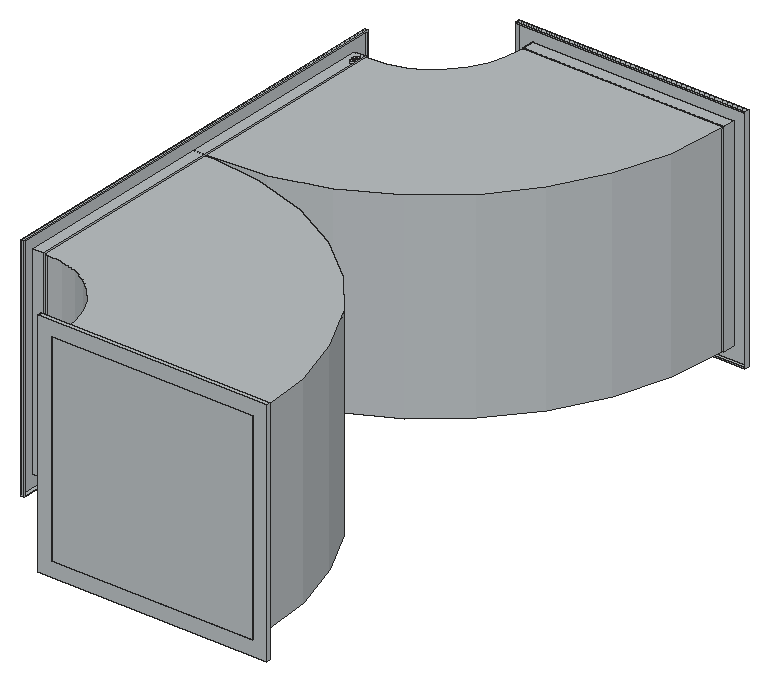
Revit family "NLRS_57_DUF_UN_broekstuk_bocht_bocht_type1_nijburg", category Duct Fittings, Revit 2020
Family settings
  Round Connector Dimension = Use Diameter
  Part Type = Tee
  Work Plane-Based = No
  Always vertical = Yes
  Cut with Voids When Loaded = No
  Shared = No
Parameters (values of type "R=170-170 (std)")
  built-in parameter 1114242 [instance] = 1 = 0  # (empty or 0)
  URL = "https://nijburg-klimaattechniek.nl/oplossingen/rechthoekige-kanalen/"
  Type Comments = "Links-Rechts"  # constant formula
  NPR_snelheid_geldig [instance] = if(NPR_Gewenste_snelheid > 0.0 m/s, NPR_Gewenste_snelheid, 1.0 m/s)  # 5.0 m/s
  NPR_c03_snelheid [instance] = NLRS_M_c03_debiet / (NLRS_M_c03_breedte * NLRS_M_c03_hoogte)  # 0.0 m/s
  NPR_c03_recht [instance] = 30 mm
  NPR_c03_aanbevolen_breedte [instance] = round(if(NPR_Gewenste_snelheid > 0.0 m/s, (NLRS_M_c03_debiet / NPR_snelheid_geldig) / NLRS_M_c01_hoogte, 0 mm) / 1 mm) * 1 mm  # 0 mm
  NPR_c02_snelheid [instance] = NLRS_M_c02_debiet / (NLRS_M_c02_breedte * NLRS_M_c02_hoogte)  # 0.0 m/s
  NPR_c02_recht [instance] = 30 mm
  NPR_c02_aanbevolen_breedte [instance] = round(if(NPR_Gewenste_snelheid > 0.0 m/s, (NLRS_M_c02_debiet / NPR_snelheid_geldig) / NLRS_M_c01_hoogte, 0 mm) / 1 mm) * 1 mm  # 0 mm
  NPR_c01_snelheid [instance] = NLRS_M_c01_debiet / (NLRS_M_c01_breedte * NLRS_M_c01_hoogte)  # 0.0 m/s
  NPR_c01_recht_rechts [instance] = 30 mm
  NPR_c01_recht_links [instance] = 30 mm
  NPR_c01_bocht_rechts_breedte [instance] = if(or(NLRS_M_c01_debiet = 0.0 m³/h, NLRS_M_c02_debiet = 0.0 m³/h, NLRS_M_c03_debiet = 0.0 m³/h), NLRS_M_c01_breedte / 2, (NLRS_M_c01_breedte / NLRS_M_c01_debiet) * NLRS_M_c03_debiet)  # 400 mm
  NPR_c01_bocht_links_breedte [instance] = NLRS_M_c01_breedte - NPR_c01_bocht_rechts_breedte  # 400 mm
  NPR_c01_aanbevolen_breedte [instance] = round(if(NPR_Gewenste_snelheid > 0.0 m/s, (NLRS_M_c01_debiet / NPR_snelheid_geldig) / NLRS_M_c01_hoogte, 0 mm) / 1 mm) * 1 mm  # 0 mm
  NPR_bocht_rechts_radius [instance] = 170 mm
  NPR_bocht_links_radius [instance] = 170 mm
  NPR_Waarschuwing2 [instance] = if(NPR_Toegepaste_hoek2 = NLRS_M_c03_hoek, " ", "Ongeldige hoek!")  # " "
  NPR_Waarschuwing [instance] = if(NPR_Toegepaste_hoek = NLRS_M_c02_hoek, " ", "Ongeldige hoek!")  # " "
  NPR_Toegepaste_hoek2 [instance] = if(NLRS_M_c03_hoek < NPR_Minimale_hoek2, NPR_Minimale_hoek2, if(NLRS_M_c03_hoek > 90.00°, 90.00°, NLRS_M_c03_hoek))  # 90.00°
  NPR_Toegepaste_hoek [instance] = if(NLRS_M_c02_hoek < NPR_Minimale_hoek, NPR_Minimale_hoek, if(NLRS_M_c02_hoek > 90.00°, 90.00°, NLRS_M_c02_hoek))  # 90.00°
  NPR_S3_Buiten_ver [instance] = NLRS_M_c03_breedte * cos(NPR_Toegepaste_hoek2)  # 0 mm
  NPR_S3_Buiten_hor [instance] = NLRS_M_c03_breedte * sin(NPR_Toegepaste_hoek2)  # 400 mm
  NPR_S3_Binnen_ver [instance] = NPR_S3 * sin(NPR_Toegepaste_hoek2)  # 30 mm
  NPR_S3_Binnen_hor [instance] = NPR_S3 * cos(NPR_Toegepaste_hoek2)  # 0 mm
  NPR_S3 [instance] = if(NPR_c03_recht < 30 mm, 30 mm, NPR_c03_recht)  # 30 mm
  NPR_S2_Buiten_ver [instance] = NLRS_M_c02_breedte * cos(NPR_Toegepaste_hoek)  # 0 mm
  NPR_S2_Buiten_hor [instance] = NLRS_M_c02_breedte * sin(NPR_Toegepaste_hoek)  # 400 mm
  NPR_S2_Binnen_ver [instance] = NPR_S2 * sin(NPR_Toegepaste_hoek)  # 30 mm
  NPR_S2_Binnen_hor [instance] = NPR_S2 * cos(NPR_Toegepaste_hoek)  # 0 mm
  NPR_S2 [instance] = if(NPR_c02_recht < 30 mm, 30 mm, NPR_c02_recht)  # 30 mm
  NPR_S1_2 [instance] = if(NPR_c01_recht_rechts < 30 mm, 30 mm, NPR_c01_recht_rechts)  # 30 mm
  NPR_S1 [instance] = if(NPR_c01_recht_links < 30 mm, 30 mm, NPR_c01_recht_links)  # 30 mm
  NPR_Offset5_2 [instance] = (NPR_Buitenradius_Rechts * cos(NPR_Toegepaste_hoek2))  # 0 mm
  NPR_Offset5 [instance] = (NPR_Buitenradius_Links * cos(NPR_Toegepaste_hoek))  # 0 mm
  NPR_Offset4_2 [instance] = NPR_bocht_rechts_radius - (NPR_bocht_rechts_radius * cos(NPR_Toegepaste_hoek2))  # 170 mm
  NPR_Offset4 [instance] = NPR_bocht_links_radius - (NPR_bocht_links_radius * cos(NPR_Toegepaste_hoek))  # 170 mm
  NPR_Offset3_2 [instance] = NPR_bocht_rechts_radius * sin(NPR_Toegepaste_hoek2)  # 170 mm
  NPR_Offset3 [instance] = NPR_bocht_links_radius * sin(NPR_Toegepaste_hoek)  # 170 mm
  NPR_Offset2_2 [instance] = NPR_Buitenradius_Rechts * sin(NPR_Toegepaste_hoek2)  # 570 mm
  NPR_Offset2 [instance] = NPR_Buitenradius_Links * sin(NPR_Toegepaste_hoek)  # 570 mm
  NPR_Offset1_2 [instance] = if(NLRS_M_c03_breedte > NPR_c01_bocht_rechts_breedte, (NPR_Grote_breedte2 - NPR_Buitenradius_Rechts) * sin(NPR_Toegepaste_hoek2), 0 mm)  # 0 mm
  NPR_Offset1 [instance] = if(NLRS_M_c02_breedte > NPR_c01_bocht_links_breedte, (NPR_Grote_breedte - NPR_Buitenradius_Links) * sin(NPR_Toegepaste_hoek), 0 mm)  # 0 mm
  NPR_Minimale_hoek2 [instance] = if(roundup((90.00° - asin(NPR_Kleine_breedte2 / NPR_Grote_breedte2)) / 1.00°) * 1.00° < 5.00°, 5.00°, roundup((90.00° - asin(NPR_Kleine_breedte2 / NPR_Grote_breedte2)) / 1.00°) * 1.00°)  # 5.00°
  NPR_Minimale_hoek [instance] = if(roundup((90.00° - asin(NPR_Kleine_breedte / NPR_Grote_breedte)) / 1.00°) * 1.00° < 5.00°, 5.00°, roundup((90.00° - asin(NPR_Kleine_breedte / NPR_Grote_breedte)) / 1.00°) * 1.00°)  # 5.00°
  NPR_Luka_m²_part2 [instance] = ((if(NPR_c01_bocht_rechts_breedte > NLRS_M_c03_breedte, NPR_c01_bocht_rechts_breedte, NLRS_M_c03_breedte) + NLRS_M_c01_hoogte) * 2 * NPR_L2)  # 1.92 m²
  NPR_Luka_m²_part1 [instance] = ((if(NPR_c01_bocht_links_breedte > NLRS_M_c02_breedte, NPR_c01_bocht_links_breedte, NLRS_M_c02_breedte) + NLRS_M_c01_hoogte) * 2 * NPR_L1)  # 1.92 m²
  NPR_Luka_m² [instance] = NPR_Luka_m²_part1 + NPR_Luka_m²_part2  # 3.84 m²
  NPR_L2 [instance] = (NPR_Buitenradius_Rechts * tan(NPR_Toegepaste_hoek2 / 2)) + if(NPR_c01_bocht_rechts_breedte > NLRS_M_c03_breedte, NPR_S1_2, NPR_S3) + (NPR_Buitenradius_Rechts * tan(NPR_Toegepaste_hoek2 / 2)) + ((NPR_Grote_breedte2 - NPR_Buitenradius_Rechts) * cos(90.00° - NPR_Toegepaste_hoek2)) + if(NPR_c01_bocht_rechts_breedte > NLRS_M_c03_breedte, NPR_S3, NPR_S1_2)  # 1200 mm
  NPR_L1 [instance] = (NPR_Buitenradius_Links * tan(NPR_Toegepaste_hoek / 2)) + if(NPR_c01_bocht_links_breedte > NLRS_M_c02_breedte, NPR_S1, NPR_S2) + (NPR_Buitenradius_Links * tan(NPR_Toegepaste_hoek / 2)) + ((NPR_Grote_breedte - NPR_Buitenradius_Links) * cos(90.00° - NPR_Toegepaste_hoek)) + if(NPR_c01_bocht_links_breedte > NLRS_M_c02_breedte, NPR_S2, NPR_S1)  # 1200 mm
  NPR_Kleine_breedte2 [instance] = if(NPR_c01_bocht_rechts_breedte > NLRS_M_c03_breedte, NLRS_M_c03_breedte, NPR_c01_bocht_rechts_breedte) + NPR_bocht_rechts_radius  # 570 mm
  NPR_Kleine_breedte [instance] = if(NPR_c01_bocht_links_breedte > NLRS_M_c02_breedte, NLRS_M_c02_breedte, NPR_c01_bocht_links_breedte) + NPR_bocht_links_radius  # 570 mm
  NPR_Grote_breedte2 [instance] = if(NPR_c01_bocht_rechts_breedte > NLRS_M_c03_breedte, NPR_c01_bocht_rechts_breedte, NLRS_M_c03_breedte) + NPR_bocht_rechts_radius  # 570 mm
  NPR_Grote_breedte [instance] = if(NPR_c01_bocht_links_breedte > NLRS_M_c02_breedte, NPR_c01_bocht_links_breedte, NLRS_M_c02_breedte) + NPR_bocht_links_radius  # 570 mm
  NPR_Gewenste_snelheid [instance] = 5.0 m/s
  NPR_Forceer_Schoepen2 [instance] = no
  NPR_Forceer_Schoepen [instance] = no
  NPR_Checked_hoek2 [instance] = if(NPR_Toegepaste_hoek2 = 90.00°, 1.00°, NPR_Toegepaste_hoek2)  # 1.00°
  NPR_Checked_hoek [instance] = if(NPR_Toegepaste_hoek = 90.00°, 1.00°, NPR_Toegepaste_hoek)  # 1.00°
  NPR_Center_Offset2 [instance] = if(NPR_Toegepaste_hoek2 = 90.00°, NPR_bocht_rechts_radius + (NLRS_M_c03_breedte / 2), if(not(NPR_c01_bocht_rechts_breedte < NLRS_M_c03_breedte), (NPR_Calc_Radius2 / cos(NPR_Checked_hoek2 / 2)) * sin(NPR_Checked_hoek2 / 2), (NPR_Calc_Radius2 * tan(NPR_Checked_hoek2 / 2 / 2)) + (((NPR_Grote_breedte2 - NPR_bocht_rechts_radius) / 2 + NPR_bocht_rechts_radius - NPR_Calc_Radius2) * cos(90.00° - NPR_Checked_hoek2 / 2))))  # 370 mm
  NPR_Center_Offset1 [instance] = if(NPR_Toegepaste_hoek = 90.00°, NPR_bocht_links_radius + (NLRS_M_c02_breedte / 2), if(not(NPR_c01_bocht_links_breedte < NLRS_M_c02_breedte), (NPR_Calc_Radius1 / cos(NPR_Checked_hoek / 2)) * sin(NPR_Checked_hoek / 2), (NPR_Calc_Radius1 * tan(NPR_Checked_hoek / 2 / 2)) + (((NPR_Grote_breedte - NPR_bocht_links_radius) / 2 + NPR_bocht_links_radius - NPR_Calc_Radius1) * cos(90.00° - NPR_Checked_hoek / 2))))  # 370 mm
  NPR_Calc_Radius2 [instance] = if(NPR_Toegepaste_hoek2 = 90.00°, ((((NPR_Kleine_breedte2 - NPR_bocht_rechts_radius) / 2) + NPR_bocht_rechts_radius)), (((((NPR_Kleine_breedte2 - NPR_bocht_rechts_radius) / 2) + NPR_bocht_rechts_radius)) / cos(NPR_Checked_hoek2) - ((((NPR_Grote_breedte2 - NPR_bocht_rechts_radius) / 2) + NPR_bocht_rechts_radius))) * tan(90.00° - NPR_Checked_hoek2) * tan((180.00° - NPR_Checked_hoek2) / 2))  # 370 mm
  NPR_Calc_Radius1 [instance] = if(NPR_Toegepaste_hoek = 90.00°, ((((NPR_Kleine_breedte - NPR_bocht_links_radius) / 2) + NPR_bocht_links_radius)), (((((NPR_Kleine_breedte - NPR_bocht_links_radius) / 2) + NPR_bocht_links_radius)) / cos(NPR_Checked_hoek) - ((((NPR_Grote_breedte - NPR_bocht_links_radius) / 2) + NPR_bocht_links_radius))) * tan(90.00° - NPR_Checked_hoek) * tan((180.00° - NPR_Checked_hoek) / 2))  # 370 mm
  NPR_Buitenradius_Rechts [instance] = if(NPR_Toegepaste_hoek2 = 90.00°, NPR_Kleine_breedte2, (NPR_Kleine_breedte2 / cos(NPR_Checked_hoek2) - NPR_Grote_breedte2) * tan(90.00° - NPR_Checked_hoek2) * tan((180.00° - NPR_Checked_hoek2) / 2))  # 570 mm
  NPR_Buitenradius_Links [instance] = if(NPR_Toegepaste_hoek = 90.00°, NPR_Kleine_breedte, (NPR_Kleine_breedte / cos(NPR_Checked_hoek) - NPR_Grote_breedte) * tan(90.00° - NPR_Checked_hoek) * tan((180.00° - NPR_Checked_hoek) / 2))  # 570 mm
  NPR_Artikelcode [instance] = "RHKV"  # constant formula
  NLRS_M_c03_hoogte [instance] = NLRS_M_c01_hoogte  # 400 mm
  NLRS_M_c03_hoek [instance] = 90.00°
  NLRS_M_c03_debiet [instance] = 0.0 m³/h
  NLRS_M_c03_breedte [instance] = 400 mm
  NLRS_M_c02_hoogte [instance] = NLRS_M_c01_hoogte  # 400 mm
  NLRS_M_c02_hoek [instance] = 90.00°
  NLRS_M_c02_debiet [instance] = 0.0 m³/h
  NLRS_M_c01_debiet [instance] = NLRS_M_c02_debiet + NLRS_M_c03_debiet  # 0.0 m³/h
  NLRS_M_c01_breedte [instance] = 800 mm
  NLRS_M_c02_breedte [instance] = 400 mm
  NLRS_M_c01_hoogte [instance] = 400 mm
  NLRS_C_model = Model  # "Broekstuk - bocht+bocht"
  NLRS_C_description = Description  # "Rechthoekig broekstuk - 2 radius bochten, verlopend"
  NLRS_C_content_versie = "1.20.00"  # constant formula
  NLRS_C_content_provider = "Nijburg Klimaattechniek"  # constant formula
  NLRS_C_content_datum_gewijzigd = "04-05-2023"  # constant formula
  NLRS_C_content_creator = "J, Feeke"  # constant formula
  Model = "Broekstuk - bocht+bocht"  # constant formula
  Manufacturer = "Nijburg Industry Group"  # constant formula
  Description = "Rechthoekig broekstuk - 2 radius bochten, verlopend"  # constant formula
  Default Elevation = 0 mm
  Assembly Code = "57.70"
Types (5, lengths in mm): name | NPR_bocht_rechts_radius | NPR_bocht_links_radius | NPR_Offset4_2 | NPR_Offset4 | NPR_Offset3_2 | NPR_Offset3 | NPR_Offset2_2 | NPR_Offset2 | NPR_Luka_m²_part2 | NPR_Luka_m²_part1 | NPR_Luka_m² | NPR_L2 | NPR_L1 | NPR_Kleine_breedte2 | NPR_Kleine_breedte | NPR_Grote_breedte2 | NPR_Grote_breedte | NPR_Center_Offset2 | NPR_Center_Offset1 | NPR_Calc_Radius2 | NPR_Calc_Radius1 | NPR_Buitenradius_Rechts | NPR_Buitenradius_Links
  (no name) | 170 | 170 | 170 | 170 | 170 | 170 | 570 | 570 | 1.92 m² | 1.92 m² | 3.84 m² | 1200 | 1200 | 570 | 570 | 570 | 570 | 370 | 370 | 370 | 370 | 570 | 570
  R=170-170 (std) | 170 | 170 | 170 | 170 | 170 | 170 | 570 | 570 | 1.92 m² | 1.92 m² | 3.84 m² | 1200 | 1200 | 570 | 570 | 570 | 570 | 370 | 370 | 370 | 370 | 570 | 570
  R=150-150 | 150 | 150 | 150 | 150 | 150 | 150 | 550 | 550 | 1.856 m² | 1.856 m² | 3.712 m² | 1160 | 1160 | 550 | 550 | 550 | 550 | 350 | 350 | 350 | 350 | 550 | 550
  R=120-120 | 120 | 120 | 120 | 120 | 120 | 120 | 520 | 520 | 1.76 m² | 1.76 m² | 3.52 m² | 1100 | 1100 | 520 | 520 | 520 | 520 | 320 | 320 | 320 | 320 | 520 | 520
  R=100-100 | 100 | 100 | 100 | 100 | 100 | 100 | 500 | 500 | 1.696 m² | 1.696 m² | 3.392 m² | 1060 | 1060 | 500 | 500 | 500 | 500 | 300 | 300 | 300 | 300 | 500 | 500
Reference planes
  plane 1 "Center Rhor": y = -2630.953
  plane 2: z = 0
  plane 3 "Center Rvert": x = 0
  plane 4 "c1": x = -30
  plane 5 "C1_Inner": y = -2800.953
  plane 6 "Inner_Hor": x = 170
  plane 7 "W1": y = -3200.953
  plane 8 "Inner_ver": y = -2630.953
  plane 9: x = 570
  plane 10 "c1_center": y = -3000.953
  plane 11 "Offset_Hor": x = 0
  plane 12: y = -2630.953
  plane 13: y = -2630.953
  plane 14: y = -2600.953
  plane 15: x = 570
  plane 16 "W2": y = -2600.953
  plane 17 "W3": x = 170
  plane 18 "Top": z = 200
  plane 19 "Bottom": z = -200
  plane 20: x = 370
  plane 21: y = -3200.953
  plane 22 "W6": x = -30
  plane 23 "W7": y = -3600.953
  plane 24 "W8": x = 170
  plane 25 "W9": y = -3200.953
  plane 26 "W10": y = -3770.953
  plane 27: x = 570
  plane 28 "W11": y = -3400.953
  plane 29 "W12": x = 0
  plane 30: y = -3770.953
  plane 31: y = -3770.953
  plane 32: y = -3800.953
  plane 33: x = 570
  plane 34 "W13": y = -3800.953
  plane 35 "W14": x = 170
  plane 36: x = 370
  plane 37 "W15": y = -3770.953
  plane 38: x = 0
  plane 39 "center": y = -3200.953
Forms (mm)
  Extrusion 1, solid, material "NLRS_57_sendzimir verzinkt_gen_sacs"
    sketch origin (0, 0, 0) x (1, 0, 0) y (0, 1, 0)
      loop
        line (0, -2800.953) -> (-30, -2800.953) -> (-30, -3200.953) -> (0, -3200.953)
        arc (0, -3200.953) -> (403.051, -3034.004) -> (570, -2630.953) r 570
        line (570, -2630.953) -> (570, -2600.953) -> (170, -2600.953) -> (170, -2630.953)
        arc (170, -2630.953) -> (120.208, -2751.161) -> (0, -2800.953) r 170
    from -200 to 200
  Extrusion 2, solid, material "NLRS_57_sendzimir verzinkt_gen_sacs"
    sketch origin (0, -6401.906, 0) x (1, 0, 0) y (0, 1, 0)
      loop
        arc (0, 2800.953) -> (120.208, 2751.161) -> (170, 2630.953) r 170
        line (170, 2630.953) -> (170, 2600.953) -> (570, 2600.953) -> (570, 2630.953)
        arc (570, 2630.953) -> (403.051, 3034.004) -> (0, 3200.953) r 570
        line (0, 3200.953) -> (-30, 3200.953) -> (-30, 2800.953) -> (0, 2800.953)
    from -200 to 200
  Extrusion 3, solid, not visible
    sketch origin (-553.7, -3498.89, 0) x (1, 0, 0) y (0, 1, 0)
      loop
        arc (542.644, 302.937) -> (537.644, 297.937) -> (542.644, 292.937) r 5
        line (542.644, 292.937) -> (542.644, 297.937) -> (547.644, 292.937) -> (547.644, 297.937) -> (542.644, 302.937)
    from 0 to 2
  Extrusion 4, solid, not visible
    sketch origin (-6.055, -3200.953, 0) x (1, 0, 0) y (0, 1, 0)
      loop
        arc (5, -5) -> (10, 0) -> (5, 5) r 5
        line (5, 5) -> (5, 0) -> (0, 5) -> (0, 0) -> (5, -5)
    from 0 to 2
  Sweep 5, solid, material "NLRS_57_sendzimir verzinkt_gen_sacs"
    path in 3D
      loop
        line (-30, -3200.953, 200) -> (-30, -3600.953, 200) -> (-30, -3600.953, -200) -> (-30, -3200.953, -200) -> (-30, -2800.953, -200) -> (-30, -2800.953, 200) -> (-30, -3200.953, 200)
    profile "DW_Profile : Kanaal" origin (-30, -3000.953, 200) x (1, 0, 0) y (0, 0, 1)
      loop
        line (25, 0) -> (25, 1) -> (1, 1) -> (1, 28) -> (7.5, 28) -> (7.5, 29) -> (0, 29) -> (0, 0) -> (25, 0)
  Sweep 6, solid, material "NLRS_57_sendzimir verzinkt_gen_sacs"
    path in 3D
      loop
        line (170, -2600.953, 200) -> (170, -2600.953, -200) -> (570, -2600.953, -200) -> (570, -2600.953, 200) -> (170, -2600.953, 200)
    profile "DW_Profile : Kanaal" origin (370, -2600.953, 200) x (0, -1, 0) y (0, 0, 1)
      loop
        line (25, 0) -> (25, 1) -> (1, 1) -> (1, 28) -> (7.5, 28) -> (7.5, 29) -> (0, 29) -> (0, 0) -> (25, 0)
  Sweep 7, solid, material "NLRS_57_sendzimir verzinkt_gen_sacs"
    path in 3D
      loop
        line (570, -3800.953, 200) -> (570, -3800.953, -200) -> (170, -3800.953, -200) -> (170, -3800.953, 200) -> (570, -3800.953, 200)
    profile "DW_Profile : Kanaal" origin (370, -3800.953, 200) x (0, 1, 0) y (0, 0, 1)
      loop
        line (25, 0) -> (25, 1) -> (1, 1) -> (1, 28) -> (7.5, 28) -> (7.5, 29) -> (0, 29) -> (0, 0) -> (25, 0)
  Extrusion 8, solid
    sketch origin (0, 0, 0) x (0, 1, 0) y (0, 0, 1)
      loop
        circle (-3200.953, 0) r 1
    from -30 to 0
Lines and regions (mm)
  sketch lines
    curve 1: line (-30, -2800.953, 200) -> (-30, -3200.953, 200)
    curve 2: line (-30, -3200.953, 200) -> (-30, -3600.953, 200)
    curve 3: line (-30, -3600.953, 200) -> (-30, -3600.953, -200)
    curve 4: line (-30, -3600.953, -200) -> (-30, -3200.953, -200)
    curve 5: line (-30, -3200.953, -200) -> (-30, -2800.953, -200)
    curve 6: line (-30, -2800.953, 200) -> (-30, -2800.953, -200)
    curve 7: line (570, -2600.953, 200) -> (170, -2600.953, 200)
    curve 8: line (170, -2600.953, 200) -> (170, -2600.953, -200)
    curve 9: line (170, -2600.953, -200) -> (570, -2600.953, -200)
    curve 10: line (570, -2600.953, 200) -> (570, -2600.953, -200)
    curve 11: line (170, -3800.953, 200) -> (570, -3800.953, 200)
    curve 12: line (170, -3800.953, 200) -> (170, -3800.953, -200)
    curve 13: line (570, -3800.953, -200) -> (170, -3800.953, -200)
    curve 14: line (570, -3800.953, 200) -> (570, -3800.953, -200)
Dimensions and locks
  "NPR_S1": plane 4 "c1" to plane 3 "Center Rvert"
  "NPR_Offset3": plane 6 "Inner_Hor" to plane 3 "Center Rvert"
  "NPR_bocht_links_radius": plane 5 "C1_Inner" to plane 1 "Center Rhor"
  "NPR_c01_bocht_links_breedte": plane 7 "W1" to plane 5 "C1_Inner"
  "NPR_Offset4": plane 8 "Inner_ver" to plane 5 "C1_Inner"
  "NPR_Offset1": plane 3 "Center Rvert" to plane 11 "Offset_Hor"
  "NPR_Buitenradius_Links": plane 7 "W1" to plane 13
  "NPR_Offset5": plane 12 to plane 13
  "NPR_Offset2": plane 11 "Offset_Hor" to plane 9
  "NPR_S2_Binnen_hor": plane 6 "Inner_Hor" to plane 17 "W3"
  "NPR_S2_Binnen_ver": plane 16 "W2" to plane 8 "Inner_ver"
  locked: plane 15 to Extrusion 1 sketch curve
  locked: Extrusion 1 sketch curve to plane 14
  locked: plane 16 "W2" to Extrusion 1 sketch curve  (x2)
  locked: plane 17 "W3" to Extrusion 1 sketch curve
  plane 16 "W2" to Extrusion 1 sketch curve = 0 mm
  "NPR_S2_Buiten_hor": plane 17 "W3" to plane 15
  "NPR_S2_Buiten_ver": plane 16 "W2" to plane 14
  equal spacing: plane 5 "C1_Inner", plane 10 "c1_center", plane 7 "W1"
  equal spacing: plane 18 "Top", level, plane 19 "Bottom"
  "NLRS_M_c01_hoogte": plane 18 "Top" to plane 19 "Bottom"
  "NPR_Center_Offset1": plane 3 "Center Rvert" to plane 20
  "NPR_c01_bocht_rechts_breedte": plane 25 "W9" to plane 23 "W7"
  "NPR_Offset4_2": plane 26 "W10" to plane 23 "W7"
  "NPR_Buitenradius_Rechts": plane 25 "W9" to plane 31
  "NPR_Offset5_2": plane 30 to plane 31
  "NPR_Offset2_2": plane 29 "W12" to plane 27
  "NPR_S3_Binnen_hor": plane 24 "W8" to plane 35 "W14"
  "NPR_S3_Binnen_ver": plane 34 "W13" to plane 26 "W10"
  locked: plane 33 to Extrusion 2 sketch curve
  locked: Extrusion 2 sketch curve to plane 32
  locked: plane 34 "W13" to Extrusion 2 sketch curve  (x2)
  locked: plane 35 "W14" to Extrusion 2 sketch curve
  "NPR_S3_Buiten_hor": plane 35 "W14" to plane 33
  "NPR_S3_Buiten_ver": plane 34 "W13" to plane 32
  equal spacing: plane 23 "W7", plane 28 "W11", plane 25 "W9"
  "NPR_bocht_rechts_radius": plane 37 "W15" to plane 23 "W7"
  plane 7 "W1" to plane 21 to plane 25 "W9" = 0 mm locked, 0 mm locked
  locked: plane 5 "C1_Inner" to nested 13 at 20
  locked: nested 13 to plane 3 "Center Rvert" at 10
  locked: plane 5 "C1_Inner" to nested 14 at 20
  locked: nested 14 to plane 3 "Center Rvert" at 10
  "NPR_Center_Offset2": plane 38 to plane 36
  "NPR_S1_2": plane 22 "W6" to plane 38
  "NPR_Offset1_2": plane 38 to plane 29 "W12"
  "NPR_Offset3_2": plane 38 to plane 24 "W8"
  equal spacing: plane 5 "C1_Inner", plane 39 "center", plane 23 "W7"
  "NPR_bocht_links_radius": radius of Extrusion 1 sketch curve
  "NPR_Buitenradius_Links": radius of Extrusion 1 sketch curve
  "NPR_bocht_rechts_radius": radius of Extrusion 2 sketch curve
  "NPR_Buitenradius_Rechts": radius of Extrusion 2 sketch curve
  "NPR_Toegepaste_hoek": angle Extrusion 1 sketch curve to Extrusion 1 sketch curve  (x2)
  "NPR_Toegepaste_hoek2": angle Extrusion 2 sketch curve to Extrusion 2 sketch curve  (x2)
  aligned and locked: level to plane 2
  aligned and locked: plane 5 "C1_Inner" to Extrusion 1 sketch curve
  aligned and locked: Extrusion 1 sketch curve to plane 3 "Center Rvert"
  aligned and locked: plane 11 "Offset_Hor" to Extrusion 1 sketch curve
  aligned and locked: plane 7 "W1" to Extrusion 1 sketch curve
  aligned and locked: plane 4 "c1" to Extrusion 1 sketch curve
  aligned and locked: plane 18 "Top" to Extrusion 1
  aligned and locked: Extrusion 1 to plane 19 "Bottom"
  aligned and locked: nested 1 to plane 3 "Center Rvert"
  aligned and locked: plane 1 "Center Rhor" to nested 1
  aligned and locked: nested 3 to plane 3 "Center Rvert"
  aligned and locked: plane 1 "Center Rhor" to nested 3
  aligned and locked: nested 2 to plane 3 "Center Rvert"
  aligned and locked: plane 1 "Center Rhor" to nested 2
  aligned and locked: Extrusion 2 sketch curve to plane 23 "W7"
  aligned and locked: plane 29 "W12" to Extrusion 2 sketch curve
  aligned and locked: Extrusion 2 sketch curve to plane 25 "W9"
  aligned and locked: plane 22 "W6" to Extrusion 2 sketch curve
  aligned and locked: plane 37 "W15" to nested 4
  aligned and locked: plane 37 "W15" to nested 6
  aligned and locked: plane 37 "W15" to nested 5
  aligned and locked: plane 1 "Center Rhor" to nested 7
  aligned and locked: nested 9 to plane 3 "Center Rvert"
  aligned and locked: plane 1 "Center Rhor" to nested 9
  aligned and locked: nested 7 to plane 3 "Center Rvert"
  aligned and locked: plane 1 "Center Rhor" to nested 8
  aligned and locked: nested 8 to plane 3 "Center Rvert"
  aligned and locked: plane 37 "W15" to nested 12
  aligned and locked: plane 37 "W15" to nested 11
  aligned and locked: plane 37 "W15" to nested 10
  aligned and locked: Extrusion 2 sketch curve to plane 38
  aligned and locked: nested 5 to plane 38
  aligned and locked: nested 11 to plane 38
  aligned and locked: nested 6 to plane 38
  aligned and locked: nested 4 to plane 38
  aligned and locked: nested 12 to plane 38
  aligned and locked: nested 10 to plane 38
  aligned and locked: Extrusion 2 to plane 18 "Top"
  aligned and locked: plane 19 "Bottom" to Extrusion 2
  aligned and locked: plane 39 "center" to Extrusion 8 sketch curve
  aligned and locked: Extrusion 8 sketch curve to level
  aligned and locked: Extrusion 8 to plane 22 "W6"
Automatic sketch dimensions
  Extrusion 3 sketch curve to plane 7 "W1" = 0 mm
  plane 4 "c1" to Extrusion 3 sketch curve = 18.945 mm
  Extrusion 3 sketch curve to Extrusion 3 sketch curve = 5 mm  (x3)
  Extrusion 3 sketch curve to Extrusion 3 sketch curve = 0 mm  (x2)
  Extrusion 4 sketch curve to plane 7 "W1" = 0 mm  (x2)
  plane 4 "c1" to Extrusion 4 sketch curve = 23.945 mm
  Extrusion 4 sketch curve to Extrusion 4 sketch curve = 5 mm  (x3)
  Extrusion 4 sketch curve to Extrusion 4 sketch curve = 0 mm
  radius of Extrusion 8 sketch curve = 1 mm
Nested families
  nested 1: "schoep" at (0, -2630.953, 200), type "schoep1"
  nested 2: "schoep" at (0, -2630.953, 200), type "schoep3"
  nested 3: "schoep" at (0, -2630.953, 200), type "schoep2"
  nested 4: "schoep" at (0, -3770.953, 200), type "schoep2_2"
  nested 5: "schoep" at (0, -3770.953, 200), type "schoep3_2"
  nested 6: "schoep" at (0, -3770.953, 200), type "schoep1_2"
  nested 7: "schoep" at (0, -2630.953, -200), type "schoep1"
  nested 8: "schoep" at (0, -2630.953, -200), type "schoep3"
  nested 9: "schoep" at (0, -2630.953, -200), type "schoep2"
  nested 10: "schoep" at (0, -3770.953, -200), type "schoep2_2"
  nested 11: "schoep" at (0, -3770.953, -200), type "schoep3_2"
  nested 12: "schoep" at (0, -3770.953, -200), type "schoep1_2"
  nested 13: "logo_single" at (-10, -2820.953, 201) x (0, 1, 0) z (0, 0, 1), type "logo_single"
  nested 14: "logo_single" at (-10, -2820.953, -202) x (0, 1, 0) z (0, 0, 1), type "logo_single"
Connectors
  hvac at (-30, -3200.953, 0), driven by "NLRS_M_c01_hoogte", driven by "NLRS_M_c01_breedte"
    settings: on Extrusion 8, index 1, duct flow 0.0 m³/h, flow factor 0, pres drop 0.0 Pa, loss coef 0, conn angle 0.00°, conn width 800 mm, conn height 400 mm, conn diameter 609.6 mm, duct sys type 28, conn prof type 1, flow config 0, flow direction 0, loss method 0, conn ref index 2, conn util no, is conn primary yes, conn desc ""
  hvac at (370, -2600.953, 0), driven by "NLRS_M_c02_hoogte", driven by "NLRS_M_c02_breedte", driven by "NPR_Toegepaste_hoek"
    settings: on Extrusion 1, index 2, duct flow 0.0 m³/h, flow factor 0, pres drop 0.0 Pa, loss coef 0, conn angle 90.00°, conn width 400 mm, conn height 400 mm, conn diameter 609.6 mm, duct sys type 28, conn prof type 1, flow config 0, flow direction 0, loss method 0, conn ref index 1, conn util no, is conn primary no, conn desc ""
  hvac at (370, -3800.953, 0), driven by "NLRS_M_c03_hoogte", driven by "NLRS_M_c03_breedte", driven by "NPR_Toegepaste_hoek2"
    settings: on Extrusion 2, index 3, duct flow 0.0 m³/h, flow factor 0, pres drop 0.0 Pa, loss coef 0, conn angle 90.00°, conn width 400 mm, conn height 400 mm, conn diameter 609.6 mm, duct sys type 28, conn prof type 1, flow config 0, flow direction 0, loss method 0, conn ref index -1, conn util no, is conn primary no, conn desc ""
Definition of nested family "logo_single"
  Parameters (values of type "logo_single")
    t = 5 mm
    Model = "LOD 400"
    Description = "Model type"
    Default Elevation = 1219.2 mm
  Reference planes
    plane 1 "Center (Front/Back)": y = 0
    plane 2: z = 0
    plane 3 "Center (Left/Right)": x = 0
    plane 4: z = 2
    plane 5: x = -10
    plane 6: y = -5
    plane 7: y = 5
    plane 8: x = -5
    plane 9: x = 5
    plane 10: x = 10
  Forms (mm)
    Extrusion 1, solid
      sketch origin (-547.644, -297.937, 0) x (1, 0, 0) y (0, 1, 0)
        loop
          arc (542.644, 302.937) -> (537.644, 297.937) -> (542.644, 292.937) r 5
          line (542.644, 292.937) -> (542.644, 297.937) -> (547.644, 292.937) -> (547.644, 297.937) -> (542.644, 302.937)
      from 0 to 2
    Extrusion 2, solid
      sketch origin (0, 0, 0) x (1, 0, 0) y (0, 1, 0)
        loop
          arc (5, -5) -> (10, 0) -> (5, 5) r 5
          line (5, 5) -> (5, 0) -> (0, 5) -> (0, 0) -> (5, -5)
      from 0 to 2
  Dimensions and locks
    "t": plane 7 to plane 1 "Center (Front/Back)"
    "t": plane 6 to plane 1 "Center (Front/Back)"
    "t": plane 5 to plane 8
    "t": plane 8 to plane 3 "Center (Left/Right)"
    "t": plane 3 "Center (Left/Right)" to plane 9
    "t": plane 9 to plane 10
    aligned and locked: level to plane 2
    aligned and locked: plane 4 to Extrusion 1
  Automatic sketch dimensions
    plane 1 "Center (Front/Back)" to Extrusion 1 sketch curve = 0 mm  (x3)
    Extrusion 1 sketch curve to plane 8 = 0 mm
    Extrusion 1 sketch curve to plane 7 = 0 mm
    Extrusion 1 sketch curve to plane 3 "Center (Left/Right)" = 0 mm
    Extrusion 1 sketch curve to plane 6 = 0 mm
    Extrusion 2 sketch curve to plane 3 "Center (Left/Right)" = 0 mm
    plane 1 "Center (Front/Back)" to Extrusion 2 sketch curve = 0 mm  (x3)
    Extrusion 2 sketch curve to plane 6 = 0 mm
    Extrusion 2 sketch curve to plane 9 = 0 mm
    Extrusion 2 sketch curve to plane 7 = 0 mm
Definition of nested family "schoep"
  Parameters (values of type "schoep")
    Show_Schoep = and(not(Aantal_Schoepen < Schoepnr), or(NPR_Toegepaste_hoek > 45.00°, Override_Schoep))  # yes
    Schoepnr = 2
    Override_Schoep = yes
    NPR_Toegepaste_hoek = 50.00°
    NPR_S1 = 2.5 mm  # constant formula
    NPR_Radius = 1200 mm
    NPR_Offset5 = NPR_L1 + (NPR_Radius - (NPR_Radius * cos(NPR_Toegepaste_hoek))) + (NPR_S1 * sin(NPR_Toegepaste_hoek)) - (NPR_L2 * cos(NPR_Toegepaste_hoek))  # 630.619 mm
    NPR_Offset4 = NPR_Buitenradius - (NPR_Buitenradius * cos(NPR_Toegepaste_hoek))  # 628.704 mm
    NPR_Offset3 = NPR_Radius * sin(NPR_Toegepaste_hoek) + NPR_L2 * sin(NPR_Toegepaste_hoek) + NPR_S1 * cos(NPR_Toegepaste_hoek)  # 1457.091 mm
    NPR_Offset2 = NPR_Buitenradius * sin(NPR_Toegepaste_hoek)  # 1348.259 mm
    NPR_Offset1 = if(NPR_L2 > NPR_L1, (NPR_Grote_breedte - NPR_Buitenradius) * sin(NPR_Toegepaste_hoek), 0 mm)  # 107.225 mm
    NPR_L2 = if(Schoepnr = 1, if(Aantal_Schoepen = 3, NLRS_M_c02_breedte / 8, if(Aantal_Schoepen = 2, NLRS_M_c02_breedte / 4, NLRS_M_c02_breedte / 3)), if(Schoepnr = 2, if(Aantal_Schoepen = 3, NLRS_M_c02_breedte / 3, NLRS_M_c02_breedte / 2), NLRS_M_c02_breedte / 2))  # 700 mm
    NPR_L1 = if(Schoepnr = 1, if(Aantal_Schoepen = 3, NLRS_M_c01_breedte / 8, if(Aantal_Schoepen = 2, NLRS_M_c01_breedte / 4, NLRS_M_c01_breedte / 3)), if(Schoepnr = 2, if(Aantal_Schoepen = 3, NLRS_M_c01_breedte / 3, NLRS_M_c01_breedte / 2), NLRS_M_c01_breedte / 2))  # 650 mm
    NPR_Kleine_breedte = if(NPR_L1 > NPR_L2, NPR_L2, NPR_L1) + NPR_Radius  # 1850 mm
    NPR_Grote_breedte = if(NPR_L1 > NPR_L2, NPR_L1, NPR_L2) + NPR_Radius  # 1900 mm
    NPR_Checked_hoek = if(NPR_Toegepaste_hoek = 90.00°, 1.00°, NPR_Toegepaste_hoek)  # 50.00°
    NPR_Buitenradius = if(NPR_Toegepaste_hoek = 90.00°, NPR_Kleine_breedte, (NPR_Kleine_breedte / cos(NPR_Checked_hoek) - NPR_Grote_breedte) * tan(90.00° - NPR_Checked_hoek) * tan((180.00° - NPR_Checked_hoek) / 2))  # 1760.027 mm
    NLRS_M_c02_breedte = 1400 mm
    NLRS_M_c01_breedte = 1300 mm
    Default Elevation = 1219.2 mm
    Aantal_Schoepen = if(and(NLRS_M_c01_breedte > 1600 mm, NLRS_M_c02_breedte > 1600 mm), 3, if(and(NLRS_M_c01_breedte > 800 mm, NLRS_M_c02_breedte > 800 mm), 2, (if(and(NLRS_M_c01_breedte > 400 mm, NLRS_M_c02_breedte > 400 mm), 1, 0))))  # 2
  Reference planes
    plane 1 "Center (Front/Back)": y = 0
    plane 2: z = 0
    plane 3 "Center (Left/Right)": x = 0
    plane 4: y = -1200
    plane 5: y = -1850
    plane 6: x = 107.225
    plane 7: x = 1455.484
    plane 8: x = 1457.091
    plane 9: y = -1221.296
    plane 10: y = -1219.381
    plane 11: x = -2.5
  Lines and regions (mm)
    model lines, visible <- "Show_Schoep"
      curve 1: arc (107.225, -1850, 0) -> (851.045, -1685.099, 0) -> (1455.484, -1221.296, 0) r 1760.027
      curve 2: line (1455.484, -1221.296, 0) -> (1457.091, -1219.381, 0)
      curve 3: line (107.225, -1850, 0) -> (-2.5, -1850, 0)
  Dimensions and locks
    "NPR_Radius": plane 4 to plane 1 "Center (Front/Back)"
    "NPR_L1": plane 5 to plane 4
    "NPR_Offset1": plane 3 "Center (Left/Right)" to plane 6
    "NPR_Offset2": plane 7 to plane 6
    "NPR_Offset3": plane 3 "Center (Left/Right)" to plane 8
    "NPR_Offset4": plane 9 to plane 5
    "NPR_Offset5": plane 10 to plane 5
    locked: plane 8 to curve 2
    "NPR_S1": plane 11 to plane 3 "Center (Left/Right)"
    locked: plane 10 to curve 2
    "NPR_Buitenradius": radius of curve 1
    "NPR_Toegepaste_hoek": angle curve 1 to curve 1
    aligned and locked: level to plane 2
    aligned and locked: plane 5 to curve 1
    aligned and locked: plane 6 to curve 1
    aligned and locked: plane 11 to curve 3
